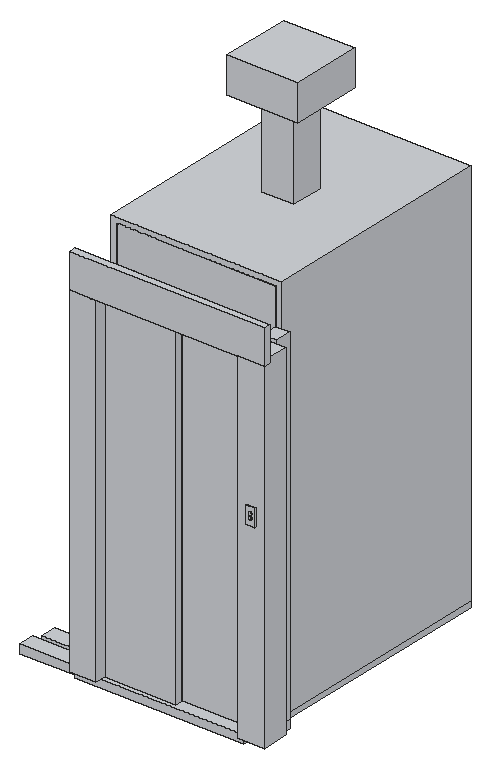
Revit family "Elevador", category Equipamento especial, Revit 2019
Family settings
  Hospedeiro = Parede
  Cota do conector redondo = Utilizar diâmetro
  Tipo de parte = Normal
  Sempre na vertical = Sim
  Corte com vazios quando carregada = Não
  Compartilhado = Não
  Ponto de cálculo do ambiente = Não
Parameters (values of type "1450 x 1600mm")
  Altura de parada [instance] = 0 mm
  Largura de abertura do poço [instance] = 1450 mm
  Profundidade de abertura do poço [instance] = 1600 mm
  Altura da última parada [instance] = 3000 mm
  Material da moldura = none
  Largura da abertura da porta = 1100 mm
  Altura da abertura da porta = 2125 mm
  Material da porta = none
  Descrição = "Elevador"
  Material da cabine = none
  Altura da cabine suspensa [instance] = 1700 mm
  Altura da cabine = Altura da abertura da porta + 75 mm  # 2200 mm
Reference planes
  plane 1: y = 0
  plane 2 "Centro (Esquerda/Direita)": x = 125
  plane 3 "Parte posterior": y = 75
  plane 4: z = 0
  plane 5: z = 0
  plane 6: z = 3000
  plane 7: z = 4700
  plane 8: x = -775
  plane 9: x = 675
  plane 10: y = 1675
  plane 11: x = -425
Lines and regions (mm)
  symbolic lines, style "InvisibleLines"
    curve 1: line (-775, 1675, 0) -> (675, 1675, 0)
    curve 2: line (-775, 75, 0) -> (-775, 1675, 0)
    curve 3: line (675, 1675, 0) -> (675, 75, 0)
Text (mm)
  text "Lado da colocação" at (-3123.189, 916.262, 0), in view "Nível de referência"
  text "Lado da colocação" at (0, 1605.175, 2923.955), in view "Esquerda"
  text "Lado da colocação" at (0, 595.982, 3004.978), in view "Direita"
Dimensions and locks
  locked: plane 3 "Parte posterior" to host wall at 0
  locked: plane 4 to level
  "Altura de parada": plane 4 to plane 5
  "Altura da cabine suspensa": plane 6 to plane 7
  "Altura da última parada": plane 4 to plane 6
  "Largura de abertura do poço": plane 8 to plane 9
  "Profundidade de abertura do poço": plane 10 to plane 3 "Parte posterior"
  equal spacing: plane 11, plane 2 "Centro (Esquerda/Direita)", plane 9
  "Largura da abertura da porta": plane 11 to plane 9
  aligned and locked: plane 1 to host wall
  aligned and locked: plane 3 "Parte posterior" to nested 1
  aligned and locked: plane 4 to nested 1
  aligned and locked: plane 8 to curve 2
  aligned and locked: curve 1 to plane 10
  aligned and locked: curve 3 to plane 9
  aligned and locked: nested 2 to nested 1
  aligned and locked: plane 2 "Centro (Esquerda/Direita)" to nested 2
Automatic sketch dimensions
  curve 2 to host wall = 0 mm
  curve 3 to host wall = 0 mm
Nested families
  nested 1: "Cabine do elevador" at (125, 75, 0), type "Cabine do elevador"
  nested 2: "Porta do elevador" at (0, 0, 0), Largura da abertura da porta <- "Largura da abertura da porta", Altura da abertura da porta <- "Altura da abertura da porta", type "Porta do elevador"
    with W1 475 mm, Largura da abertura da porta 1100 mm, Altura da abertura da porta 2125 mm
Definition of nested family "Cabine do elevador"
  Parameters
    W2 = Altura de parada + 700 mm  # 700 mm
    W1 = 0.5 * Largura da abertura da porta - 100 mm  # 450 mm
    Altura de parada = 0 mm
    Largura de abertura do poço = 1450 mm
    Profundidade de abertura do poço = 1600 mm
    Altura da última parada = 3000 mm
    Material da moldura = none
    Largura da abertura da porta = 1100 mm
    Altura da abertura da porta = 2125 mm
    Material da porta = none
    Projeção da altura livre = 1700 mm
    Material da cabine = none
    Altura da cabine = Altura da abertura da porta + 75 mm  # 2200 mm
  Reference planes
    plane 1 "Centro (Frente/Trás)": y = 0
    plane 2: z = 0
    plane 3 "Centro (Esquerda/Direita)": x = 0
    plane 4: y = 140
    plane 5: y = 1600
    plane 6: x = -900
    plane 7: x = 475
    plane 8: y = 230
    plane 9: y = 1560
    plane 10: x = -550
    plane 11: x = 550
    plane 12: x = -850
    plane 13: x = -400
    plane 14: x = 400
    plane 15: x = -500
    plane 16: x = 432
    plane 17: x = -532
    plane 18: z = 3000
    plane 19: z = 0
    plane 20: z = 4700
    plane 21: z = 2200
    plane 22: y = 160
    plane 23: y = 210
    plane 24: y = 180
    plane 25: y = 190
    plane 26: z = 1960
    plane 27: z = 32
    plane 28: z = 2168
    plane 29: z = 1930
    plane 30: y = 262
    plane 31: y = 1528
    plane 32: z = -48
    plane 33: z = -32
    plane 34: y = 1500
    plane 35: y = 100
    plane 36: z = 2900
    plane 37: y = 895
    plane 38: z = -282
    plane 39: z = 2700
    plane 40: z = -82
    plane 41: x = 150
    plane 42: x = -250
    plane 43: x = 40
    plane 44: x = -140
    plane 45: x = -50
    plane 46: x = 620.79
    plane 47: z = 4000
    plane 48: x = -779.822
    plane 49: y = 180
    plane 50: y = 1580
    plane 51: z = 5957
    plane 52: y = 1438
    plane 53: y = 958.5
    plane 54: y = 280
    plane 55: y = 1480
  Forms (mm)
    Extrusion 1, solid, material <- "Material da moldura"
      sketch origin (0, 0, 0) x (1, 0, 0) y (0, 1, 0)
        loop
          line (400, 230) -> (400, 140) -> (475, 140) -> (475, 230) -> (400, 230)
      from 0 to 1960
    Extrusion 2, solid, material <- "Material da porta"
      sketch origin (0, 0, 0) x (1, 0, 0) y (0, 1, 0)
        loop
          line (0, 230) -> (-400, 230) -> (-400, 190) -> (0, 190) -> (0, 230)
        loop
          line (0, 180) -> (0, 140) -> (400, 140) -> (400, 180) -> (0, 180)
      from 0 to 1960
    Extrusion 3, solid, material <- "Material da cabine"
      sketch origin (0, 0, 0) x (1, 0, 0) y (0, 1, 0)
        loop
          line (-532, 1560) -> (-532, 230) -> (-500, 230) -> (-500, 1560) -> (-532, 1560)
        loop
          line (400, 1560) -> (400, 230) -> (432, 230) -> (432, 1560) -> (400, 1560)
      from 0 to 2200
    Extrusion 4, solid, material <- "Material da cabine"
      sketch origin (0, 0, 0) x (1, 0, 0) y (0, 0, 1)
        loop
          line (-532, 2168) -> (432, 2168) -> (432, 2200) -> (-532, 2200) -> (-532, 2168)
        loop
          line (-532, 0) -> (432, 0) -> (432, 32) -> (-532, 32) -> (-532, 0)
      from -1560 to -230
    Extrusion 5, solid, material <- "Material da cabine"
      sketch origin (0, 0, 0) x (0, 1, 0) y (0, 0, 1)
        loop
          line (1528, 2168) -> (1528, 0) -> (1560, 0) -> (1560, 2168) -> (1528, 2168)
      from -532 to 432
    Extrusion 6, solid, material <- "Material da moldura", detail levels medium+fine
      sketch origin (0, 0, 0) x (1, 0, 0) y (0, 1, 0)
        loop
          line (-850, 230) -> (-850, 140) -> (475, 140) -> (475, 230) -> (-850, 230)
      from -48 to 0
    Extrusion 7, solid, material <- "Material da cabine", detail levels medium+fine
      sketch origin (0, 0, 0) x (0, 1, 0) y (0, 0, 1)
        loop
          line (230, 0) -> (230, -32) -> (1560, -32) -> (1560, 0) -> (230, 0)
      from -532 to 432
    Extrusion 8, solid, material <- "Material da moldura", detail levels coarse+medium
      sketch origin (4267.2, 895, 3892.286) x (0, 0, 1) y (1, 0, 0)
        loop
          line (-992.286, -4227.2) -> (-1692.286, -4227.2) -> (-1692.286, -4407.2) -> (-992.286, -4407.2) -> (-992.286, -4227.2)
      from -90 to 90
    Extrusion 9, solid, material <- "Material da moldura", detail levels fine
      sketch origin (4267.2, 895, 3892.286) x (0, 0, 1) y (1, 0, 0)
        loop
          line (-3924.286, -4227.2) -> (-4174.286, -4227.2) -> (-4174.286, -4407.2) -> (-3924.286, -4407.2) -> (-3924.286, -4227.2)
        loop
          line (-992.286, -4407.2) -> (-992.286, -4227.2) -> (-1692.286, -4227.2) -> (-1692.286, -4407.2) -> (-992.286, -4407.2)
      from -90 to 90
    Extrusion 10, solid, material <- "Material da moldura", detail levels fine
      sketch origin (4267.2, 895, 3892.286) x (0, 0, 1) y (1, 0, 0)
        loop
          line (-992.286, -4517.2) -> (-992.286, -4117.2) -> (-1192.286, -4117.2) -> (-1192.286, -4517.2) -> (-992.286, -4517.2)
        loop
          line (-3974.286, -4517.2) -> (-3974.286, -4117.2) -> (-4174.286, -4117.2) -> (-4174.286, -4517.2) -> (-3974.286, -4517.2)
      from -200 to 200
    Extrusion 11, solid, material <- "Material da cabine", detail levels medium
      sketch origin (4267.2, 895, 3892.286) x (0, 0, 1) y (1, 0, 0)
        loop
          line (-3924.286, -4407.2) -> (-3924.286, -4227.2) -> (-4174.286, -4227.2) -> (-4174.286, -4407.2) -> (-3924.286, -4407.2)
      from -90 to 90
    Extrusion 12, solid, material <- "Material da cabine", detail levels coarse
      sketch origin (0, 0, 0) x (1, 0, 0) y (0, 1, 0)
        loop
          line (-532, 1560) -> (-532, 140) -> (475, 140) -> (475, 230) -> (432, 230) -> (432, 1560) -> (-532, 1560)
      from -32 to 0
    Extrusion 13, solid, material <- "Material da moldura"
      sketch origin (0, 0, 0) x (0, 1, 0) y (0, 0, 1)
        loop
          line (230, 2168) -> (230, 1930) -> (262, 1930) -> (262, 2168) -> (230, 2168)
      from -500 to 400
  Cuts and joins
    joined: Extrusion 3, Extrusion 4, Extrusion 5
    joined: Extrusion 9, Extrusion 10
  Lines and regions (mm)
    Masking region 1, detail levels medium+fine
      outline origin (0, 0, 0) x (1, 0, 0) y (0, 1, 0)
        loop
          line (-532, 1560) -> (-532, 230) -> (-850, 230) -> (-850, 140) -> (475, 140) -> (475, 230) -> (432, 230) -> (432, 1560) -> (-532, 1560)
    Masking region 2, detail levels coarse
      outline origin (0, 0, 0) x (1, 0, 0) y (0, 1, 0)
        loop
          line (-532, 1500) -> (-532, 100) -> (475, 100) -> (475, 1500) -> (-532, 1500)
    Masking region 3, detail levels fine
      outline origin (6392.684, 0, -1679.226) x (1, 0, 0) y (0, 0, 1)
        loop
          line (-5826.083, 8233.352) -> (-5961.554, 8233.352) -> (-5961.554, 8057.413) -> (-6156.497, 8057.413) -> (-6156.497, 7989.744) -> (-5961.554, 7989.744) -> (-5961.554, 7800.271) -> (-6155.416, 7800.271) -> (-6155.416, 7231.853) -> (-5771.894, 7231.853) -> (-5771.894, 7096.516) -> (-5704.159, 7096.516) -> (-5704.159, 7150.65) -> (-5622.876, 7150.65) -> (-5622.876, 7204.786) -> (-5528.046, 7204.786) -> (-5528.046, 7272.455) -> (-5622.876, 7272.455) -> (-5622.876, 7380.724) -> (-5704.159, 7380.724) -> (-5704.159, 7448.394) -> (-5771.894, 7448.394) -> (-5771.894, 7800.271) -> (-5826.083, 7800.271) -> (-5826.083, 8233.352)
        loop
          line (-7172.684, 6514.564) -> (-7225.639, 6514.564) -> (-7225.639, 6473.963) -> (-7172.684, 6473.963) -> (-7172.684, 6514.564)
        loop
          line (-5771.894, 6514.564) -> (-5771.894, 6379.226) -> (-5446.763, 6379.226) -> (-5446.763, 6408.178) -> (-5541.593, 6408.178) -> (-5541.593, 6473.963) -> (-5433.216, 6473.963) -> (-5433.216, 6514.564) -> (-5771.894, 6514.564)
        loop
          line (-7172.684, 6406.294) -> (-7225.639, 6406.294) -> (-7225.639, 6379.226) -> (-7172.684, 6379.226) -> (-7172.684, 6406.294)
    Masking region 4
      outline origin (6392.684, 0, -1679.226) x (1, 0, 0) y (0, 0, 1)
        loop
          circle (-6807.506, 7637.093) r 365
    Masking region 5, detail levels medium+fine
      outline origin (6392.684, 0, -1679.226) x (1, 0, 0) y (0, 0, 1)
        loop
          line (-5771.894, 7231.853) -> (-6534.736, 7231.853) -> (-6624.29, 7321.408)
          arc (-6624.29, 7321.408) -> (-6725.523, 7281.419) -> (-6834.046, 7273.059) r 365
          line (-6834.046, 7273.059) -> (-6927.603, 7096.516) -> (-6927.603, 6514.564) -> (-7172.684, 6514.564) -> (-7172.684, 6379.226) -> (-6492.005, 6379.226)
          arc (-6492.005, 6379.226) -> (-6277.887, 6008.475) -> (-6063.768, 6379.226) r 247.205
          line (-6063.768, 6379.226) -> (-5771.894, 6379.226) -> (-5771.894, 6676.969) -> (-5934.46, 6676.969) -> (-5934.46, 6785.239) -> (-5771.894, 6785.239) -> (-5771.894, 7231.853)
    Masking region 6, detail levels medium
      outline origin (0, 0, 0) x (1, 0, 0) y (0, 0, 1)
        loop
          line (620.79, 5106.013) -> (458.224, 5106.013) -> (458.224, 4997.743) -> (620.79, 4997.743) -> (620.79, 5106.013)
    Masking region 7, not visible, detail levels fine
      outline origin (6392.684, 0, -1263.187) x (1, 0, 0) y (0, 0, 1)
        loop
          line (-5826.083, 8233.352) -> (-5961.554, 8233.352) -> (-5961.554, 8057.413) -> (-6156.497, 8057.413) -> (-6156.497, 7989.744) -> (-5961.554, 7989.744) -> (-5961.554, 7800.271) -> (-6155.416, 7800.271) -> (-6155.416, 7231.853) -> (-5771.894, 7231.853) -> (-5771.894, 7096.516) -> (-5704.159, 7096.516) -> (-5704.159, 7150.65) -> (-5622.876, 7150.65) -> (-5622.876, 7204.786) -> (-5528.046, 7204.786) -> (-5528.046, 7272.455) -> (-5622.876, 7272.455) -> (-5622.876, 7380.724) -> (-5704.159, 7380.724) -> (-5704.159, 7448.394) -> (-5771.894, 7448.394) -> (-5771.894, 7800.271) -> (-5826.083, 7800.271) -> (-5826.083, 8233.352)
        loop
          line (-7172.684, 6514.564) -> (-7225.639, 6514.564) -> (-7225.639, 6473.963) -> (-7172.684, 6473.963) -> (-7172.684, 6514.564)
        loop
          line (-5771.894, 6514.564) -> (-5771.894, 6379.226) -> (-5446.763, 6379.226) -> (-5446.763, 6408.178) -> (-5541.593, 6408.178) -> (-5541.593, 6473.963) -> (-5433.216, 6473.963) -> (-5433.216, 6514.564) -> (-5771.894, 6514.564)
        loop
          line (-7172.684, 6406.294) -> (-7225.639, 6406.294) -> (-7225.639, 6379.226) -> (-7172.684, 6379.226) -> (-7172.684, 6406.294)
    Masking region 8, not visible
      outline origin (6392.684, 0, -1263.187) x (1, 0, 0) y (0, 0, 1)
        loop
          circle (-6807.506, 7637.093) r 365
    Masking region 9, not visible, detail levels medium+fine
      outline origin (6392.684, 0, -1263.187) x (1, 0, 0) y (0, 0, 1)
        loop
          line (-5771.894, 7231.853) -> (-6534.736, 7231.853) -> (-6624.29, 7321.408)
          arc (-6624.29, 7321.408) -> (-6725.523, 7281.419) -> (-6834.046, 7273.059) r 365
          line (-6834.046, 7273.059) -> (-6927.603, 7096.516) -> (-6927.603, 6514.564) -> (-7172.684, 6514.564) -> (-7172.684, 6379.226) -> (-6492.005, 6379.226)
          arc (-6492.005, 6379.226) -> (-6277.887, 6008.475) -> (-6063.768, 6379.226) r 247.205
          line (-6063.768, 6379.226) -> (-5771.894, 6379.226) -> (-5771.894, 6676.969) -> (-5934.46, 6676.969) -> (-5934.46, 6785.239) -> (-5771.894, 6785.239) -> (-5771.894, 7231.853)
    Masking region 10, not visible, detail levels medium
      outline origin (0, 0, 416.04) x (1, 0, 0) y (0, 0, 1)
        loop
          line (620.79, 5106.013) -> (458.224, 5106.013) -> (458.224, 4997.743) -> (620.79, 4997.743) -> (620.79, 5106.013)
    Masking region 11
      outline origin (0, 0, 0) x (1, 0, 0) y (0, 0, 1)
        loop
          line (-734.822, 4000) -> (-824.822, 4000) -> (-824.822, 1900) -> (-734.822, 1900) -> (-734.822, 4000)
    Masking region 12
      outline origin (0, 0, 0) x (0, 1, 0) y (0, 0, 1)
        loop
          line (180, 6322) -> (180, 5592) -> (1580, 5592) -> (1580, 6322) -> (180, 6322)
    Masking region 13, detail levels medium+fine
      outline origin (0, 0, 0) x (0, 1, 0) y (0, 0, 1)
        loop
          line (280, 5592) -> (280, 4835) -> (180, 4835) -> (180, 4700) -> (1580, 4700) -> (1580, 4835) -> (1480, 4835) -> (1480, 5592) -> (280, 5592)
    Masking region 14
      outline origin (-3732.195, 25.564, 0) x (1, 0, 0) y (0, 1, 0)
        loop
          line (2832.195, 1412.436) -> (2832.195, 326.436) -> (3091.195, 326.436) -> (3091.195, 1412.436) -> (2832.195, 1412.436)
    Masking region 15, not visible
      outline origin (0, 0, 0) x (1, 0, 0) y (0, 1, 0)
        loop
          line (2832.195, 1412.436) -> (2832.195, 326.436) -> (3091.195, 326.436) -> (3091.195, 1412.436) -> (2832.195, 1412.436)
    Masking region 16, detail levels fine
      outline origin (525.132, 244.888, 0) x (1, 0, 0) y (0, 1, 0)
        loop
          line (-1146.132, 691.112) -> (-1146.132, 609.112) -> (-1138.132, 609.112) -> (-1138.132, 645.612) -> (-1075.482, 645.612) -> (-1075.482, 636.612) -> (-1105.482, 636.612) -> (-1105.482, 630.612) -> (-1075.482, 630.612) -> (-1075.482, 600.112) -> (-1066.132, 600.112) -> (-1066.132, 591.612) -> (-1111.132, 591.612) -> (-1111.132, 586.612) -> (-1057.132, 586.612) -> (-1057.132, 713.612) -> (-1111.132, 713.612) -> (-1111.132, 708.612) -> (-1066.132, 708.612) -> (-1066.132, 700.112) -> (-1075.482, 700.112) -> (-1075.482, 669.612) -> (-1105.482, 669.612) -> (-1105.482, 663.612) -> (-1075.482, 663.612) -> (-1075.482, 654.612) -> (-1138.132, 654.612) -> (-1138.132, 691.112) -> (-1146.132, 691.112)
    Masking region 17, detail levels fine
      outline origin (-625.132, 244.888, 0) x (0, 1, 0) y (-1, 0, 0)
        loop
          line (691.112, -1146.132) -> (691.112, -1138.132) -> (654.612, -1138.132) -> (654.612, -1075.482) -> (663.612, -1075.482) -> (663.612, -1105.482) -> (669.612, -1105.482) -> (669.612, -1075.482) -> (700.112, -1075.482) -> (700.112, -1066.132) -> (708.612, -1066.132) -> (708.612, -1111.132) -> (713.612, -1111.132) -> (713.612, -1057.132) -> (586.612, -1057.132) -> (586.612, -1111.132) -> (591.612, -1111.132) -> (591.612, -1066.132) -> (600.112, -1066.132) -> (600.112, -1075.482) -> (630.612, -1075.482) -> (630.612, -1105.482) -> (636.612, -1105.482) -> (636.612, -1075.482) -> (645.612, -1075.482) -> (645.612, -1138.132) -> (609.112, -1138.132) -> (609.112, -1146.132) -> (691.112, -1146.132)
    Masking region 18, not visible, detail levels fine
      outline origin (0, 0, 0) x (1, 0, 0) y (0, 1, 0)
        loop
          line (-1146.132, 691.112) -> (-1146.132, 609.112) -> (-1138.132, 609.112) -> (-1138.132, 645.612) -> (-1075.482, 645.612) -> (-1075.482, 636.612) -> (-1105.482, 636.612) -> (-1105.482, 630.612) -> (-1075.482, 630.612) -> (-1075.482, 600.112) -> (-1066.132, 600.112) -> (-1066.132, 591.612) -> (-1111.132, 591.612) -> (-1111.132, 586.612) -> (-1057.132, 586.612) -> (-1057.132, 713.612) -> (-1111.132, 713.612) -> (-1111.132, 708.612) -> (-1066.132, 708.612) -> (-1066.132, 700.112) -> (-1075.482, 700.112) -> (-1075.482, 669.612) -> (-1105.482, 669.612) -> (-1105.482, 663.612) -> (-1075.482, 663.612) -> (-1075.482, 654.612) -> (-1138.132, 654.612) -> (-1138.132, 691.112) -> (-1146.132, 691.112)
    Masking region 19, not visible, detail levels fine
      outline origin (-2082.973, 0, 0) x (0, 1, 0) y (-1, 0, 0)
        loop
          line (691.112, -1146.132) -> (691.112, -1138.132) -> (654.612, -1138.132) -> (654.612, -1075.482) -> (663.612, -1075.482) -> (663.612, -1105.482) -> (669.612, -1105.482) -> (669.612, -1075.482) -> (700.112, -1075.482) -> (700.112, -1066.132) -> (708.612, -1066.132) -> (708.612, -1111.132) -> (713.612, -1111.132) -> (713.612, -1057.132) -> (586.612, -1057.132) -> (586.612, -1111.132) -> (591.612, -1111.132) -> (591.612, -1066.132) -> (600.112, -1066.132) -> (600.112, -1075.482) -> (630.612, -1075.482) -> (630.612, -1105.482) -> (636.612, -1105.482) -> (636.612, -1075.482) -> (645.612, -1075.482) -> (645.612, -1138.132) -> (609.112, -1138.132) -> (609.112, -1146.132) -> (691.112, -1146.132)
    symbolic lines, detail levels medium+fine
      curve 1: line (400, 140, 0) -> (0, 140, 0)
      curve 2: line (0, 140, 0) -> (0, 180, 0)
      curve 3: line (0, 180, 0) -> (400, 180, 0)
      curve 4: line (400, 180, 0) -> (400, 140, 0)
      curve 5: line (0, 190, 0) -> (-400, 190, 0)
      curve 6: line (-400, 190, 0) -> (-400, 230, 0)
      curve 7: line (-400, 230, 0) -> (0, 230, 0)
      curve 8: line (0, 230, 0) -> (0, 190, 0)
      curve 9: line (475, 230, 0) -> (400, 230, 0)
      curve 10: line (400, 230, 0) -> (400, 140, 0)
      curve 11: line (400, 140, 0) -> (475, 140, 0)
      curve 12: line (475, 140, 0) -> (475, 230, 0)
      curve 15: line (-850, 230, 0) -> (-400, 230, 0)
      curve 16: line (-850, 230, 0) -> (-850, 140, 0)
      curve 17: line (-850, 140, 0) -> (0, 140, 0)
      curve 18: line (0, 230, 0) -> (400, 230, 0)
      curve 19: line (-532, 230, 0) -> (-532, 1560, 0)
      curve 20: line (432, 1560, 0) -> (432, 230, 0)
      curve 27: circle (-89.546, 0, 5239.915) r 247.205 normal (0, 1, 0)
      curve 28: circle (114.798, 0, 4576.454) r 247.205 normal (0, 1, 0)
      curve 33: line (-824.822, 0, 3765) -> (-734.822, 0, 3765)
      curve 34: line (-440.837, 0, 5594.823) -> (-534.918, 0, 5417.289)
      curve 35: line (-534.918, 0, 5417.289) -> (-534.918, 0, 4835.338)
      curve 36: line (-534.918, 0, 4835.338) -> (-780, 0, 4835.338)
      curve 43: line (328.916, 0, 4700) -> (620.79, 0, 4700)
      curve 77: line (237.268, 0, 5552.627) -> (-142.051, 0, 5552.627)
      curve 78: line (-142.051, 0, 5552.627) -> (-231.606, 0, 5642.182)
      curve 81: line (26.956, 0, 5021.883) -> (-114.674, 0, 4668.395)
      curve 82: line (-63.38, 0, 6056.423) -> (154.432, 0, 5279.726)
      curve 87: line (-780, 0, 4700) -> (-99.321, 0, 4700)
      curve 89: line (-50, 0, 2900) -> (-50, 0, 4392.193)
      curve 151: line (-779.822, 0, 4000) -> (-779.822, 0, 3565)
      curve 156: line (0, 280, 5553) -> (0, 1480, 5553)
      curve 157: line (0, 180, 4835) -> (0, 1580, 4835)
      curve 158: line (0, 180, 4835) -> (0, 180, 4700)
      curve 159: line (0, 180, 4700) -> (0, 1580, 4700)
      curve 160: line (0, 1580, 4700) -> (0, 1580, 4835)
      curve 161: line (0, 280, 5592) -> (0, 280, 4835)
      curve 162: line (0, 1480, 5592) -> (0, 1480, 4835)
      curve 168: line (-900, 1388, 0) -> (-691, 1388, 0)
      curve 169: line (-691, 1388, 0) -> (-691, 402, 0)
      curve 170: line (-691, 402, 0) -> (-900, 402, 0)
      curve 174: line (-874, 449, 0) -> (-874, 1341, 0)
      curve 177: line (-711, 449, 0) -> (-711, 1341, 0)
      curve 181: line (-781.994, 396.856, 0) -> (-781.994, 1417.796, 0)
      curve 308: line (-532, 1560, 0) -> (432, 1560, 0)
    symbolic lines, detail levels fine
      curve 13: line (0, 160, 0) -> (-850, 160, 0)
      curve 14: line (-400, 210, 0) -> (-850, 210, 0)
      curve 21: line (400, 1528, 0) -> (400, 230, 0)
      curve 22: line (-500, 1528, 0) -> (-500, 230, 0)
      curve 37: line (-832.955, 0, 4835.338) -> (-832.955, 0, 4794.736)
      curve 38: line (-832.955, 0, 4794.736) -> (-780, 0, 4794.736)
      curve 39: line (-780, 0, 4794.736) -> (-780, 0, 4727.067)
      curve 40: line (-780, 0, 4727.067) -> (-832.955, 0, 4727.067)
      curve 41: line (-832.955, 0, 4727.067) -> (-832.955, 0, 4700)
      curve 42: line (-832.955, 0, 4700) -> (-780, 0, 4700)
      curve 44: line (945.921, 0, 4700) -> (945.921, 0, 4728.952)
      curve 45: line (945.921, 0, 4728.952) -> (851.091, 0, 4728.952)
      curve 46: line (851.091, 0, 4728.952) -> (851.091, 0, 4794.736)
      curve 47: line (851.091, 0, 4794.736) -> (959.468, 0, 4794.736)
      curve 48: line (959.468, 0, 4794.736) -> (959.468, 0, 4835.338)
      curve 49: line (959.468, 0, 4835.338) -> (620.79, 0, 4835.338)
      curve 50: line (620.79, 0, 4835.338) -> (620.79, 0, 4997.743)
      curve 51: line (620.79, 0, 4997.743) -> (458.224, 0, 4997.743)
      curve 52: line (458.224, 0, 4997.743) -> (458.224, 0, 5106.013)
      curve 53: line (458.224, 0, 5106.013) -> (620.79, 0, 5106.013)
      curve 54: line (620.79, 0, 5106.013) -> (620.79, 0, 5417.289)
      curve 55: line (620.79, 0, 5417.289) -> (688.526, 0, 5417.289)
      curve 56: line (688.526, 0, 5417.289) -> (688.526, 0, 5471.424)
      curve 57: line (688.526, 0, 5471.424) -> (769.808, 0, 5471.424)
      curve 58: line (769.808, 0, 5471.424) -> (769.808, 0, 5525.559)
      curve 59: line (769.808, 0, 5525.559) -> (864.638, 0, 5525.559)
      curve 60: line (864.638, 0, 5525.559) -> (864.638, 0, 5593.228)
      curve 61: line (864.638, 0, 5593.228) -> (769.808, 0, 5593.228)
      curve 62: line (769.808, 0, 5593.228) -> (769.808, 0, 5701.498)
      curve 63: line (769.808, 0, 5701.498) -> (688.526, 0, 5701.498)
      curve 64: line (688.526, 0, 5701.498) -> (688.526, 0, 5769.167)
      curve 65: line (688.526, 0, 5769.167) -> (620.79, 0, 5769.167)
      curve 66: line (620.79, 0, 5769.167) -> (620.79, 0, 6121.045)
      curve 67: line (620.79, 0, 6121.045) -> (566.601, 0, 6121.045)
      curve 68: line (566.601, 0, 6121.045) -> (566.601, 0, 6554.125)
      curve 69: line (566.601, 0, 6554.125) -> (431.13, 0, 6554.125)
      curve 70: line (431.13, 0, 6554.125) -> (431.13, 0, 6378.186)
      curve 71: line (431.13, 0, 6378.186) -> (236.187, 0, 6378.186)
      curve 72: line (236.187, 0, 6378.186) -> (236.187, 0, 6310.517)
      curve 73: line (236.187, 0, 6310.517) -> (431.13, 0, 6310.517)
      curve 74: line (431.13, 0, 6310.517) -> (431.13, 0, 6121.045)
      curve 75: line (431.13, 0, 6121.045) -> (237.268, 0, 6121.045)
      curve 76: line (237.268, 0, 6121.045) -> (237.268, 0, 5552.627)
      curve 79: line (945.921, 0, 4700) -> (905.279, 0, 4700)
      curve 80: line (905.279, 0, 4700) -> (851.091, 0, 4700)
      curve 85: line (620.79, 0, 4700) -> (945.921, 0, 4700)
      curve 86: line (-780, 0, 4835.338) -> (-832.955, 0, 4835.338)
      curve 171: line (-874, 1341, 0) -> (-802.5, 1341, 0)
      curve 172: line (-802.5, 1341, 0) -> (-802.5, 449, 0)
      curve 173: line (-802.5, 449, 0) -> (-874, 449, 0)
      curve 175: line (-761.5, 1341, 0) -> (-761.5, 449, 0)
      curve 176: line (-761.5, 449, 0) -> (-711, 449, 0)
      curve 178: line (-711, 1341, 0) -> (-761.5, 1341, 0)
      curve 179: line (-761.5, 489, 0) -> (-802.5, 489, 0)
      curve 180: line (-761.5, 1301, 0) -> (-802.5, 1301, 0)
      curve 204: line (-541, 953.5, 0) -> (-541, 836.5, 0)
      curve 205: line (-541, 836.5, 0) -> (-586, 836.5, 0)
      curve 206: line (-586, 836.5, 0) -> (-586, 831.5, 0)
      curve 207: line (-586, 831.5, 0) -> (-532, 831.5, 0)
      curve 208: line (-532, 831.5, 0) -> (-532, 958.5, 0)
      curve 209: line (-532, 958.5, 0) -> (-586, 958.5, 0)
      curve 210: line (-586, 958.5, 0) -> (-586, 953.5, 0)
      curve 211: line (-586, 953.5, 0) -> (-541, 953.5, 0)
      curve 212: line (-541, 945, 0) -> (-550.35, 945, 0)
      curve 213: line (-550.35, 945, 0) -> (-550.35, 914.5, 0)
      curve 214: line (-550.35, 914.5, 0) -> (-580.35, 914.5, 0)
      curve 215: line (-580.35, 914.5, 0) -> (-580.35, 908.5, 0)
      curve 216: line (-580.35, 908.5, 0) -> (-550.35, 908.5, 0)
      curve 217: line (-550.35, 908.5, 0) -> (-550.35, 881.5, 0)
      curve 218: line (-550.35, 881.5, 0) -> (-580.35, 881.5, 0)
      curve 219: line (-580.35, 881.5, 0) -> (-580.35, 875.5, 0)
      curve 220: line (-580.35, 875.5, 0) -> (-550.35, 875.5, 0)
      curve 221: line (-621, 854, 0) -> (-613, 854, 0)
      curve 222: line (-613, 854, 0) -> (-613, 890.5, 0)
      curve 223: line (-613, 890.5, 0) -> (-550.35, 890.5, 0)
      curve 224: line (-550.35, 899.5, 0) -> (-613, 899.5, 0)
      curve 225: line (-613, 899.5, 0) -> (-613, 936, 0)
      curve 226: line (-613, 936, 0) -> (-621, 936, 0)
      curve 227: line (-621, 936, 0) -> (-621, 854, 0)
      curve 228: line (-550.35, 875.5, 0) -> (-550.35, 845, 0)
      curve 229: line (-550.35, 845, 0) -> (-541, 845, 0)
      curve 230: line (441, 953.5, 0) -> (441, 836.5, 0)
      curve 231: line (441, 836.5, 0) -> (486, 836.5, 0)
      curve 232: line (486, 836.5, 0) -> (486, 831.5, 0)
      curve 233: line (486, 831.5, 0) -> (432, 831.5, 0)
      curve 234: line (432, 831.5, 0) -> (432, 958.5, 0)
      curve 235: line (432, 958.5, 0) -> (486, 958.5, 0)
      curve 236: line (486, 958.5, 0) -> (486, 953.5, 0)
      curve 237: line (486, 953.5, 0) -> (441, 953.5, 0)
      curve 238: line (441, 945, 0) -> (450.35, 945, 0)
      curve 239: line (450.35, 945, 0) -> (450.35, 914.5, 0)
      curve 240: line (450.35, 914.5, 0) -> (480.35, 914.5, 0)
      curve 241: line (480.35, 914.5, 0) -> (480.35, 908.5, 0)
      curve 242: line (480.35, 908.5, 0) -> (450.35, 908.5, 0)
      curve 243: line (450.35, 908.5, 0) -> (450.35, 881.5, 0)
      curve 244: line (450.35, 881.5, 0) -> (480.35, 881.5, 0)
      curve 245: line (480.35, 881.5, 0) -> (480.35, 875.5, 0)
      curve 246: line (480.35, 875.5, 0) -> (450.35, 875.5, 0)
      curve 247: line (521, 854, 0) -> (513, 854, 0)
      curve 248: line (513, 854, 0) -> (513, 890.5, 0)
      curve 249: line (513, 890.5, 0) -> (450.35, 890.5, 0)
      curve 250: line (450.35, 899.5, 0) -> (513, 899.5, 0)
      curve 251: line (513, 899.5, 0) -> (513, 936, 0)
      curve 252: line (513, 936, 0) -> (521, 936, 0)
      curve 253: line (521, 936, 0) -> (521, 854, 0)
      curve 254: line (450.35, 875.5, 0) -> (450.35, 845, 0)
      curve 255: line (450.35, 845, 0) -> (441, 845, 0)
      curve 309: line (-500, 1528, 0) -> (400, 1528, 0)
      curve 310: line (-816.994, 1369.151, 0) -> (-746.994, 1369.151, 0)
      curve 311: line (-746.994, 1369.151, 0) -> (-746.994, 1362.151, 0)
      curve 312: line (-816.994, 1362.151, 0) -> (-787.994, 1362.151, 0)
      curve 313: line (-787.994, 1362.151, 0) -> (-787.994, 1312.96, 0)
      curve 314: line (-775.994, 1362.151, 0) -> (-775.994, 1312.96, 0)
      curve 315: line (-787.994, 1312.96, 0) -> (-775.994, 1312.96, 0)
      curve 316: line (-816.994, 1369.151, 0) -> (-816.994, 1362.151, 0)
      curve 317: line (-775.994, 1362.151, 0) -> (-746.994, 1362.151, 0)
      curve 318: line (-816.994, 420.849, 0) -> (-746.994, 420.849, 0)
      curve 319: line (-746.994, 420.849, 0) -> (-746.994, 427.849, 0)
      curve 320: line (-816.994, 427.849, 0) -> (-787.994, 427.849, 0)
      curve 321: line (-787.994, 427.849, 0) -> (-787.994, 477.04, 0)
      curve 322: line (-775.994, 427.849, 0) -> (-775.994, 477.04, 0)
      curve 323: line (-787.994, 477.04, 0) -> (-775.994, 477.04, 0)
      curve 324: line (-816.994, 420.849, 0) -> (-816.994, 427.849, 0)
      curve 325: line (-775.994, 427.849, 0) -> (-746.994, 427.849, 0)
    symbolic lines, detail levels coarse
      curve 23: line (-532, 1500, 0) -> (475, 1500, 0)
      curve 24: line (-532, 100, 0) -> (-532, 1500, 0)
      curve 25: line (475, 100, 0) -> (-532, 100, 0)
      curve 26: line (475, 1500, 0) -> (475, 100, 0)
      curve 149: line (-50, 0, 5957.867) -> (-50, 0, 2900)
    symbolic lines
      curve 29: line (-824.822, 0, 1900) -> (-734.822, 0, 1900)
      curve 30: line (-734.822, 0, 1900) -> (-734.822, 0, 4000)
      curve 31: line (-734.822, 0, 4000) -> (-824.822, 0, 4000)
      curve 32: line (-824.822, 0, 4000) -> (-824.822, 0, 1900)
      curve 90: circle (-414.822, 0, 5957.867) r 365 normal (0, -1, 0)
      curve 150: line (-779.822, 0, 5957.867) -> (-779.822, 0, 4000)
      curve 152: line (0, 180, 6322) -> (0, 1580, 6322)
      curve 153: line (0, 180, 5592) -> (0, 180, 6322)
      curve 154: line (0, 1580, 5592) -> (0, 180, 5592)
      curve 155: line (0, 1580, 6322) -> (0, 1580, 5592)
      curve 163: line (0, 895, 6322) -> (0, 895, 2900)
      curve 164: line (-900, 352, 0) -> (-900, 1438, 0)
      curve 165: line (-900, 1438, 0) -> (-641, 1438, 0)
      curve 166: line (-641, 1438, 0) -> (-641, 352, 0)
      curve 167: line (-641, 352, 0) -> (-900, 352, 0)
    symbolic lines, detail levels medium
      curve 83: line (237.268, 0, 5552.627) -> (620.79, 0, 5552.627)
      curve 84: line (620.79, 0, 5552.627) -> (620.79, 0, 4700)
      curve 88: line (-780, 0, 4835.338) -> (-780, 0, 4700)
      curve 182: line (-874, 1341, 0) -> (-711, 1341, 0)
      curve 183: line (-711, 449, 0) -> (-874, 449, 0)
    symbolic lines, not visible, detail levels medium+fine
      curve 91: circle (-89.546, 0, 5655.954) r 247.205 normal (0, 1, 0)
      curve 92: circle (114.798, 0, 4992.494) r 247.205 normal (0, 1, 0)
      curve 93: line (-440.837, 0, 6010.863) -> (-534.918, 0, 5833.329)
      curve 94: line (-534.918, 0, 5833.329) -> (-534.918, 0, 5251.377)
      curve 95: line (-534.918, 0, 5251.377) -> (-780, 0, 5251.377)
      curve 102: line (328.916, 0, 5116.04) -> (620.79, 0, 5116.04)
      curve 136: line (237.268, 0, 5968.667) -> (-142.051, 0, 5968.667)
      curve 137: line (-142.051, 0, 5968.667) -> (-231.606, 0, 6058.222)
      curve 140: line (26.956, 0, 5437.923) -> (-114.674, 0, 5084.435)
      curve 141: line (-63.38, 0, 6472.463) -> (154.432, 0, 5695.766)
      curve 146: line (-780, 0, 5116.04) -> (-99.321, 0, 5116.04)
      curve 188: line (2832.195, 1362.436, 0) -> (3041.195, 1362.436, 0)
      curve 189: line (3041.195, 1362.436, 0) -> (3041.195, 376.436, 0)
      curve 190: line (3041.195, 376.436, 0) -> (2832.195, 376.436, 0)
      curve 194: line (2858.195, 423.436, 0) -> (2858.195, 1315.436, 0)
      curve 197: line (3021.195, 423.436, 0) -> (3021.195, 1315.436, 0)
      curve 201: line (2950.201, 371.292, 0) -> (2950.201, 1392.233, 0)
    symbolic lines, not visible, detail levels fine
      curve 96: line (-832.955, 0, 5251.377) -> (-832.955, 0, 5210.776)
      curve 97: line (-832.955, 0, 5210.776) -> (-780, 0, 5210.776)
      curve 98: line (-780, 0, 5210.776) -> (-780, 0, 5143.107)
      curve 99: line (-780, 0, 5143.107) -> (-832.955, 0, 5143.107)
      curve 100: line (-832.955, 0, 5143.107) -> (-832.955, 0, 5116.04)
      curve 101: line (-832.955, 0, 5116.04) -> (-780, 0, 5116.04)
      curve 103: line (945.921, 0, 5116.04) -> (945.921, 0, 5144.991)
      curve 104: line (945.921, 0, 5144.991) -> (851.091, 0, 5144.991)
      curve 105: line (851.091, 0, 5144.991) -> (851.091, 0, 5210.776)
      curve 106: line (851.091, 0, 5210.776) -> (959.468, 0, 5210.776)
      curve 107: line (959.468, 0, 5210.776) -> (959.468, 0, 5251.377)
      curve 108: line (959.468, 0, 5251.377) -> (620.79, 0, 5251.377)
      curve 109: line (620.79, 0, 5251.377) -> (620.79, 0, 5413.782)
      curve 110: line (620.79, 0, 5413.782) -> (458.224, 0, 5413.782)
      curve 111: line (458.224, 0, 5413.782) -> (458.224, 0, 5522.053)
      curve 112: line (458.224, 0, 5522.053) -> (620.79, 0, 5522.053)
      curve 113: line (620.79, 0, 5522.053) -> (620.79, 0, 5833.329)
      curve 114: line (620.79, 0, 5833.329) -> (688.526, 0, 5833.329)
      curve 115: line (688.526, 0, 5833.329) -> (688.526, 0, 5887.464)
      curve 116: line (688.526, 0, 5887.464) -> (769.808, 0, 5887.464)
      curve 117: line (769.808, 0, 5887.464) -> (769.808, 0, 5941.599)
      curve 118: line (769.808, 0, 5941.599) -> (864.638, 0, 5941.599)
      curve 119: line (864.638, 0, 5941.599) -> (864.638, 0, 6009.268)
      curve 120: line (864.638, 0, 6009.268) -> (769.808, 0, 6009.268)
      curve 121: line (769.808, 0, 6009.268) -> (769.808, 0, 6117.538)
      curve 122: line (769.808, 0, 6117.538) -> (688.526, 0, 6117.538)
      curve 123: line (688.526, 0, 6117.538) -> (688.526, 0, 6185.207)
      curve 124: line (688.526, 0, 6185.207) -> (620.79, 0, 6185.207)
      curve 125: line (620.79, 0, 6185.207) -> (620.79, 0, 6537.085)
      curve 126: line (620.79, 0, 6537.085) -> (566.601, 0, 6537.085)
      curve 127: line (566.601, 0, 6537.085) -> (566.601, 0, 6970.165)
      curve 128: line (566.601, 0, 6970.165) -> (431.13, 0, 6970.165)
      curve 129: line (431.13, 0, 6970.165) -> (431.13, 0, 6794.226)
      curve 130: line (431.13, 0, 6794.226) -> (236.187, 0, 6794.226)
      curve 131: line (236.187, 0, 6794.226) -> (236.187, 0, 6726.557)
      curve 132: line (236.187, 0, 6726.557) -> (431.13, 0, 6726.557)
      curve 133: line (431.13, 0, 6726.557) -> (431.13, 0, 6537.085)
      curve 134: line (431.13, 0, 6537.085) -> (237.268, 0, 6537.085)
      curve 135: line (237.268, 0, 6537.085) -> (237.268, 0, 5968.667)
      curve 138: line (945.921, 0, 5116.04) -> (905.279, 0, 5116.04)
      curve 139: line (905.279, 0, 5116.04) -> (851.091, 0, 5116.04)
      curve 144: line (620.79, 0, 5116.04) -> (945.921, 0, 5116.04)
      curve 145: line (-780, 0, 5251.377) -> (-832.955, 0, 5251.377)
      curve 191: line (2858.195, 1315.436, 0) -> (2929.695, 1315.436, 0)
      curve 192: line (2929.695, 1315.436, 0) -> (2929.695, 423.436, 0)
      curve 193: line (2929.695, 423.436, 0) -> (2858.195, 423.436, 0)
      curve 195: line (2970.695, 1315.436, 0) -> (2970.695, 423.436, 0)
      curve 196: line (2970.695, 423.436, 0) -> (3021.195, 423.436, 0)
      curve 198: line (3021.195, 1315.436, 0) -> (2970.695, 1315.436, 0)
      curve 199: line (2970.695, 463.436, 0) -> (2929.695, 463.436, 0)
      curve 200: line (2970.695, 1275.436, 0) -> (2929.695, 1275.436, 0)
      curve 256: line (-1066.132, 708.612, 0) -> (-1066.132, 591.612, 0)
      curve 257: line (-1066.132, 591.612, 0) -> (-1111.132, 591.612, 0)
      curve 258: line (-1111.132, 591.612, 0) -> (-1111.132, 586.612, 0)
      curve 259: line (-1111.132, 586.612, 0) -> (-1057.132, 586.612, 0)
      curve 260: line (-1057.132, 586.612, 0) -> (-1057.132, 713.612, 0)
      curve 261: line (-1057.132, 713.612, 0) -> (-1111.132, 713.612, 0)
      curve 262: line (-1111.132, 713.612, 0) -> (-1111.132, 708.612, 0)
      curve 263: line (-1111.132, 708.612, 0) -> (-1066.132, 708.612, 0)
      curve 264: line (-1066.132, 700.112, 0) -> (-1075.482, 700.112, 0)
      curve 265: line (-1075.482, 700.112, 0) -> (-1075.482, 669.612, 0)
      curve 266: line (-1075.482, 669.612, 0) -> (-1105.482, 669.612, 0)
      curve 267: line (-1105.482, 669.612, 0) -> (-1105.482, 663.612, 0)
      curve 268: line (-1105.482, 663.612, 0) -> (-1075.482, 663.612, 0)
      curve 269: line (-1075.482, 663.612, 0) -> (-1075.482, 636.612, 0)
      curve 270: line (-1075.482, 636.612, 0) -> (-1105.482, 636.612, 0)
      curve 271: line (-1105.482, 636.612, 0) -> (-1105.482, 630.612, 0)
      curve 272: line (-1105.482, 630.612, 0) -> (-1075.482, 630.612, 0)
      curve 273: line (-1146.132, 609.112, 0) -> (-1138.132, 609.112, 0)
      curve 274: line (-1138.132, 609.112, 0) -> (-1138.132, 645.612, 0)
      curve 275: line (-1138.132, 645.612, 0) -> (-1075.482, 645.612, 0)
      curve 276: line (-1075.482, 654.612, 0) -> (-1138.132, 654.612, 0)
      curve 277: line (-1138.132, 654.612, 0) -> (-1138.132, 691.112, 0)
      curve 278: line (-1138.132, 691.112, 0) -> (-1146.132, 691.112, 0)
      curve 279: line (-1146.132, 691.112, 0) -> (-1146.132, 609.112, 0)
      curve 280: line (-1075.482, 630.612, 0) -> (-1075.482, 600.112, 0)
      curve 281: line (-1075.482, 600.112, 0) -> (-1066.132, 600.112, 0)
      curve 282: line (-1016.841, 708.612, 0) -> (-1016.841, 591.612, 0)
      curve 283: line (-1016.841, 591.612, 0) -> (-971.841, 591.612, 0)
      curve 284: line (-971.841, 591.612, 0) -> (-971.841, 586.612, 0)
      curve 285: line (-971.841, 586.612, 0) -> (-1025.841, 586.612, 0)
      curve 286: line (-1025.841, 586.612, 0) -> (-1025.841, 713.612, 0)
      curve 287: line (-1025.841, 713.612, 0) -> (-971.841, 713.612, 0)
      curve 288: line (-971.841, 713.612, 0) -> (-971.841, 708.612, 0)
      curve 289: line (-971.841, 708.612, 0) -> (-1016.841, 708.612, 0)
      curve 290: line (-1016.841, 700.112, 0) -> (-1007.491, 700.112, 0)
      curve 291: line (-1007.491, 700.112, 0) -> (-1007.491, 669.612, 0)
      curve 292: line (-1007.491, 669.612, 0) -> (-977.491, 669.612, 0)
      curve 293: line (-977.491, 669.612, 0) -> (-977.491, 663.612, 0)
      curve 294: line (-977.491, 663.612, 0) -> (-1007.491, 663.612, 0)
      curve 295: line (-1007.491, 663.612, 0) -> (-1007.491, 636.612, 0)
      curve 296: line (-1007.491, 636.612, 0) -> (-977.491, 636.612, 0)
      curve 297: line (-977.491, 636.612, 0) -> (-977.491, 630.612, 0)
      curve 298: line (-977.491, 630.612, 0) -> (-1007.491, 630.612, 0)
      curve 299: line (-936.841, 609.112, 0) -> (-944.841, 609.112, 0)
      curve 300: line (-944.841, 609.112, 0) -> (-944.841, 645.612, 0)
      curve 301: line (-944.841, 645.612, 0) -> (-1007.491, 645.612, 0)
      curve 302: line (-1007.491, 654.612, 0) -> (-944.841, 654.612, 0)
      curve 303: line (-944.841, 654.612, 0) -> (-944.841, 691.112, 0)
      curve 304: line (-944.841, 691.112, 0) -> (-936.841, 691.112, 0)
      curve 305: line (-936.841, 691.112, 0) -> (-936.841, 609.112, 0)
      curve 306: line (-1007.491, 630.612, 0) -> (-1007.491, 600.112, 0)
      curve 307: line (-1007.491, 600.112, 0) -> (-1016.841, 600.112, 0)
      curve 326: line (2915.201, 1343.587, 0) -> (2985.201, 1343.587, 0)
      curve 327: line (2985.201, 1343.587, 0) -> (2985.201, 1336.587, 0)
      curve 328: line (2915.201, 1336.587, 0) -> (2944.201, 1336.587, 0)
      curve 329: line (2944.201, 1336.587, 0) -> (2944.201, 1287.396, 0)
      curve 330: line (2956.201, 1336.587, 0) -> (2956.201, 1287.396, 0)
      curve 331: line (2944.201, 1287.396, 0) -> (2956.201, 1287.396, 0)
      curve 332: line (2915.201, 1343.587, 0) -> (2915.201, 1336.587, 0)
      curve 333: line (2956.201, 1336.587, 0) -> (2985.201, 1336.587, 0)
      curve 334: line (2915.201, 395.285, 0) -> (2985.201, 395.285, 0)
      curve 335: line (2985.201, 395.285, 0) -> (2985.201, 402.285, 0)
      curve 336: line (2915.201, 402.285, 0) -> (2944.201, 402.285, 0)
      curve 337: line (2944.201, 402.285, 0) -> (2944.201, 451.476, 0)
      curve 338: line (2956.201, 402.285, 0) -> (2956.201, 451.476, 0)
      curve 339: line (2944.201, 451.476, 0) -> (2956.201, 451.476, 0)
      curve 340: line (2915.201, 395.285, 0) -> (2915.201, 402.285, 0)
      curve 341: line (2956.201, 402.285, 0) -> (2985.201, 402.285, 0)
    symbolic lines, not visible, detail levels medium
      curve 142: line (237.268, 0, 5968.667) -> (620.79, 0, 5968.667)
      curve 143: line (620.79, 0, 5968.667) -> (620.79, 0, 5116.04)
      curve 147: line (-780, 0, 5251.377) -> (-780, 0, 5116.04)
      curve 202: line (2858.195, 1315.436, 0) -> (3021.195, 1315.436, 0)
      curve 203: line (3021.195, 423.436, 0) -> (2858.195, 423.436, 0)
    symbolic lines, not visible
      curve 148: circle (-414.822, 0, 6373.906) r 365 normal (0, -1, 0)
      curve 184: line (2832.195, 326.436, 0) -> (2832.195, 1412.436, 0)
      curve 185: line (2832.195, 1412.436, 0) -> (3091.195, 1412.436, 0)
      curve 186: line (3091.195, 1412.436, 0) -> (3091.195, 326.436, 0)
      curve 187: line (3091.195, 326.436, 0) -> (2832.195, 326.436, 0)
  Dimensions and locks
    "Profundidade de abertura do poço": plane 5 to plane 1 "Centro (Frente/Trás)"
    locked: plane 8 to plane 4 at 90
    "Largura da abertura da porta": plane 10 to plane 11
    locked: plane 16 to plane 7 at 43
    locked: plane 14 to plane 16 at 32
    locked: plane 17 to plane 15 at 32
    equal spacing: plane 13, plane 3 "Centro (Esquerda/Direita)", plane 14
    locked: plane 15 to plane 13 at 100
    "W1": plane 12 to plane 13
    locked: plane 7 to plane 11 at 75
    "Altura da cabine": plane 21 to plane 19
    locked: plane 4 to plane 1 "Centro (Frente/Trás)" at 140
    "Largura de abertura do poço": plane 6 to plane 11
    locked: plane 10 to plane 17 at 18
    locked: plane 8 to plane 23 at 20
    locked: plane 4 to plane 22 at 20
    locked: plane 8 to plane 25 at 40
    locked: plane 4 to plane 24 at 40
    locked: plane 26 to plane 29 at 30
    locked: plane 8 to plane 30 at 32
    locked: plane 31 to plane 9 at 32
    locked: plane 35 to plane 1 "Centro (Frente/Trás)" at 100
    locked: plane 5 to plane 34 at 100
    locked: plane 21 to plane 28 at 32
    locked: plane 27 to plane 19 at 32
    locked: plane 19 to plane 32 at 48
    locked: plane 19 to plane 33 at 32
    "Altura da última parada": plane 18 to plane 2
    "Projeção da altura livre": plane 20 to plane 18
    "Altura de parada": plane 19 to plane 2
    locked: plane 21 to plane 36 at 700
    locked: plane 38 to plane 33 at 250
    locked: plane 38 to plane 40 at 200
    locked: plane 39 to plane 36 at 200
    locked: plane 45 to plane 42 at 200
    locked: plane 41 to plane 45 at 200
    locked: plane 45 to plane 44 at 90
    locked: plane 43 to plane 45 at 90
    equal spacing: cut or joined group of Extrusion 3, Extrusion 4, Extrusion 5, plane 45, cut or joined group of Extrusion 3, Extrusion 4, Extrusion 5
    locked: plane 46 to plane 45 at 670.79
    "W2": plane 47 to plane 20
    locked: plane 48 to curve 30 at 45
    locked: curve 32 to plane 48 at 45
    locked: curve 33 to plane 47 at 235
    locked: curve 29 to plane 47 at 2100
    locked: curve 151 to plane 47 at 435
    locked: plane 48 to Masking region 11 sketch curve at 45
    locked: Masking region 11 sketch curve to plane 48 at 45
    locked: Masking region 11 sketch curve to plane 47 at 2100
    locked: curve 152 to plane 51 at 365
    locked: plane 51 to curve 154 at 365
    locked: plane 51 to curve 156 at 404
    locked: curve 157 to plane 20 at 135
    locked: Masking region 12 sketch curve to plane 51 at 365
    locked: plane 51 to Masking region 12 sketch curve at 365
    locked: Masking region 13 sketch curve to plane 20 at 892
    locked: Masking region 13 sketch curve to plane 20 at 135  (x2)
    locked: plane 51 to plane 20 at 1257
    equal spacing: plane 31, plane 37, plane 30
    locked: plane 52 to plane 37 at 543
    locked: plane 53 to plane 37 at 63.5
    locked: plane 21 to plane 26 at 240
    locked: plane 49 to plane 54 at 100
    locked: plane 55 to plane 50 at 100
    locked: plane 9 to plane 5 at 40
    aligned and locked: level to plane 2
    aligned and locked: curve 11 to plane 4
    aligned and locked: curve 17 to plane 4
    aligned and locked: curve 15 to plane 8
    aligned and locked: curve 7 to plane 8
    aligned and locked: curve 18 to plane 8
    aligned and locked: plane 8 to curve 9
    aligned and locked: plane 7 to curve 12
    aligned and locked: curve 6 to plane 13
    aligned and locked: curve 10 to plane 14
    aligned and locked: curve 22 to plane 15
    aligned and locked: plane 16 to curve 20
    aligned and locked: plane 17 to curve 19
    aligned and locked: curve 8 to plane 3 "Centro (Esquerda/Direita)"
    aligned and locked: plane 3 "Centro (Esquerda/Direita)" to curve 2
    aligned and locked: curve 14 to plane 23
    aligned and locked: curve 13 to plane 22
    aligned and locked: curve 5 to plane 25
    aligned and locked: plane 24 to curve 3
    aligned and locked: Masking region 1 sketch curve to plane 17
    aligned and locked: plane 8 to Masking region 1 sketch curve  (x2)
    aligned and locked: Masking region 1 sketch curve to plane 12
    aligned and locked: Masking region 1 sketch curve to plane 4
    aligned and locked: plane 7 to Masking region 1 sketch curve
    aligned and locked: Masking region 1 sketch curve to plane 16
    aligned and locked: curve 18 to Extrusion 1 sketch curve
    aligned and locked: Extrusion 1 sketch curve to curve 21
    aligned and locked: Extrusion 1 sketch curve to curve 11
    aligned and locked: Extrusion 1 sketch curve to curve 12
    aligned and locked: Extrusion 1 to plane 19
    aligned and locked: plane 26 to Extrusion 1
    aligned and locked: Extrusion 2 sketch curve to curve 18
    aligned and locked: Extrusion 2 sketch curve to curve 8
    aligned and locked: Extrusion 2 sketch curve to curve 5
    aligned and locked: Extrusion 2 sketch curve to curve 6
    aligned and locked: Extrusion 2 sketch curve to curve 3
    aligned and locked: Extrusion 2 sketch curve to curve 2
    aligned and locked: Extrusion 2 sketch curve to curve 1
    aligned and locked: curve 10 to Extrusion 2 sketch curve
    aligned and locked: Extrusion 1 to Extrusion 2
    aligned and locked: Extrusion 2 to plane 19
    aligned and locked: Extrusion 3 sketch curve to plane 9
    aligned and locked: Extrusion 3 sketch curve to curve 19
    aligned and locked: plane 8 to Extrusion 3 sketch curve
    aligned and locked: Extrusion 3 sketch curve to curve 22
    aligned and locked: Extrusion 3 sketch curve to curve 21
    aligned and locked: curve 9 to Extrusion 3 sketch curve
    aligned and locked: Extrusion 3 sketch curve to curve 20
    aligned and locked: plane 21 to Extrusion 3
    aligned and locked: Extrusion 3 to plane 19
    aligned and locked: Extrusion 4 sketch curve to plane 28
    aligned and locked: plane 17 to Extrusion 4 sketch curve
    aligned and locked: Extrusion 4 sketch curve to Extrusion 3  (x4)
    aligned and locked: plane 27 to Extrusion 4 sketch curve
    aligned and locked: Extrusion 4 to curve 6
    aligned and locked: Extrusion 5 sketch curve to plane 28
    aligned and locked: plane 31 to Extrusion 5 sketch curve
    aligned and locked: Extrusion 5 to plane 17
    aligned and locked: Extrusion 5 to plane 16
    aligned and locked: plane 16 to Extrusion 4 sketch curve
    aligned and locked: Extrusion 6 sketch curve to curve 15
    aligned and locked: Extrusion 6 sketch curve to curve 16
    aligned and locked: Extrusion 6 sketch curve to curve 11
    aligned and locked: Extrusion 6 sketch curve to curve 12
    aligned and locked: Extrusion 6 to plane 32
    aligned and locked: plane 33 to Extrusion 7 sketch curve
    aligned and locked: Extrusion 7 sketch curve to plane 9
    aligned and locked: curve 23 to plane 34
    aligned and locked: plane 17 to curve 24
    aligned and locked: plane 35 to curve 25
    aligned and locked: curve 26 to plane 7
    aligned and locked: Masking region 2 sketch curve to curve 23
    aligned and locked: Masking region 2 sketch curve to curve 24
    aligned and locked: Masking region 2 sketch curve to curve 25
    aligned and locked: Masking region 2 sketch curve to curve 26
    aligned and locked: plane 19 to Extrusion 7
    aligned and locked: plane 19 to Extrusion 6
    aligned and locked: plane 36 to Extrusion 8 sketch curve
    aligned and locked: Extrusion 8 sketch curve to plane 43
    aligned and locked: Extrusion 8 sketch curve to plane 21
    aligned and locked: Extrusion 8 sketch curve to plane 44
    aligned and locked: plane 33 to Extrusion 9 sketch curve
    aligned and locked: Extrusion 9 sketch curve to plane 43
    aligned and locked: Extrusion 9 sketch curve to plane 38
    aligned and locked: Extrusion 9 sketch curve to plane 44
    aligned and locked: Extrusion 10 sketch curve to plane 36
    aligned and locked: Extrusion 10 sketch curve to plane 42  (x2)
    aligned and locked: plane 39 to Extrusion 10 sketch curve
    aligned and locked: plane 41 to Extrusion 10 sketch curve  (x2)
    aligned and locked: Extrusion 10 sketch curve to plane 40
    aligned and locked: plane 38 to Extrusion 10 sketch curve
    aligned and locked: Extrusion 9 sketch curve to Extrusion 8  (x3)
    aligned and locked: Extrusion 9 sketch curve to plane 36
    aligned and locked: Extrusion 11 sketch curve to cut or joined group of Extrusion 9, Extrusion 10  (x2)
    aligned and locked: plane 38 to Extrusion 11 sketch curve
    aligned and locked: plane 43 to Extrusion 11 sketch curve
    aligned and locked: Masking region 3 sketch curve to curve 64
    aligned and locked: plane 20 to curve 87
    aligned and locked: plane 20 to Masking region 5
    aligned and locked: curve 89 to plane 45
    aligned and locked: plane 46 to curve 84
    aligned and locked: Masking region 7 sketch curve to curve 123
    aligned and locked: plane 45 to curve 149
    aligned and locked: plane 36 to curve 149
    aligned and locked: plane 36 to curve 89
    aligned and locked: curve 31 to plane 47
    aligned and locked: curve 150 to plane 48
    aligned and locked: Masking region 11 sketch curve to plane 47
    aligned and locked: plane 49 to curve 153
    aligned and locked: curve 155 to plane 50
    aligned and locked: curve 159 to plane 20
    aligned and locked: plane 49 to curve 158
    aligned and locked: curve 160 to plane 50
    aligned and locked: curve 163 to plane 37
    aligned and locked: Masking region 12 sketch curve to curve 153
    aligned and locked: Masking region 12 sketch curve to curve 155
    aligned and locked: Masking region 13 sketch curve to plane 20
    aligned and locked: Masking region 13 sketch curve to plane 50
    aligned and locked: plane 17 to Extrusion 12 sketch curve
    aligned and locked: plane 16 to Extrusion 12 sketch curve
    aligned and locked: Extrusion 12 sketch curve to plane 8
    aligned and locked: Extrusion 12 sketch curve to plane 7
    aligned and locked: plane 4 to Extrusion 12 sketch curve
    aligned and locked: plane 19 to Extrusion 12
    aligned and locked: Extrusion 12 to plane 33
    aligned and locked: curve 165 to plane 52
    aligned and locked: plane 6 to curve 164
    aligned and locked: plane 17 to curve 208
    aligned and locked: curve 235 to plane 53
    aligned and locked: plane 53 to curve 209
    aligned and locked: curve 234 to plane 16
    aligned and locked: plane 49 to Masking region 13 sketch curve
    aligned and locked: plane 54 to curve 161
    aligned and locked: curve 162 to plane 55
    aligned and locked: plane 54 to Masking region 13 sketch curve
    aligned and locked: plane 55 to Masking region 13 sketch curve
    aligned and locked: plane 9 to cut or joined group of Extrusion 3, Extrusion 4, Extrusion 5
    aligned and locked: Extrusion 12 sketch curve to plane 9
    aligned and locked: plane 9 to Masking region 1 sketch curve
    aligned and locked: plane 19 to Extrusion 5 sketch curve
    aligned and locked: curve 308 to Masking region 1
    aligned and locked: curve 309 to cut or joined group of Extrusion 3, Extrusion 4, Extrusion 5
    aligned and locked: Extrusion 13 sketch curve to cut or joined group of Extrusion 3, Extrusion 4, Extrusion 5  (x2)
    aligned and locked: plane 29 to Extrusion 13 sketch curve
    aligned and locked: Extrusion 13 sketch curve to plane 30
    aligned and locked: plane 14 to Extrusion 13
    aligned and locked: Extrusion 13 to plane 15
  Automatic sketch dimensions
    Masking region 3 sketch curve to Masking region 3 sketch curve = 0 mm  (x5)
    Masking region 3 sketch curve to Masking region 3 sketch curve = 67.736 mm  (x3)
    Masking region 3 sketch curve to Masking region 3 sketch curve = 54.188 mm
    Masking region 3 sketch curve to Masking region 3 sketch curve = 135.471 mm  (x2)
    Masking region 3 sketch curve to Masking region 3 sketch curve = 383.522 mm
    Masking region 3 sketch curve to Masking region 3 sketch curve = 194.943 mm
    Masking region 3 sketch curve to Masking region 3 sketch curve = 52.955 mm  (x2)
    Masking region 3 sketch curve to Masking region 3 sketch curve = 81.283 mm
    Masking region 3 sketch curve to Masking region 3 sketch curve = 230.301 mm
    Masking region 3 sketch curve to Masking region 3 sketch curve = 94.83 mm  (x2)
    Masking region 3 sketch curve to Masking region 3 sketch curve = 13.548 mm
    Masking region 3 sketch curve to Masking region 3 sketch curve = 27.067 mm
    Masking region 3 sketch curve to Masking region 3 sketch curve = 28.952 mm
    Masking region 3 sketch curve to Masking region 3 sketch curve = 67.669 mm  (x4)
    Masking region 3 sketch curve to Masking region 3 sketch curve = 65.785 mm
    Masking region 3 sketch curve to Masking region 3 sketch curve = 40.601 mm  (x2)
    Masking region 3 sketch curve to Masking region 3 sketch curve = 54.135 mm  (x2)
    Masking region 3 sketch curve to Masking region 3 sketch curve = 135.338 mm
    Masking region 3 sketch curve to Masking region 3 sketch curve = 108.27 mm
    Masking region 3 sketch curve to Masking region 3 sketch curve = 351.878 mm
    Masking region 3 sketch curve to Masking region 3 sketch curve = 189.472 mm
    Masking region 3 sketch curve to Masking region 3 sketch curve = 175.939 mm
    Masking region 5 sketch curve to Masking region 5 sketch curve = 162.566 mm
    Masking region 5 sketch curve to Masking region 5 sketch curve = 108.27 mm
    Masking region 5 sketch curve to Masking region 5 sketch curve = 135.338 mm  (x2)
    Masking region 5 sketch curve to Masking region 5 sketch curve = 291.873 mm
    Masking region 5 sketch curve to Masking region 5 sketch curve = 297.743 mm
    Masking region 5 sketch curve to Masking region 5 sketch curve = 129.308 mm
    Masking region 3 sketch curve to Masking region 3 sketch curve = 581.952 mm
    Masking region 6 sketch curve to Masking region 6 sketch curve = 108.27 mm
    Masking region 3 sketch curve to Masking region 3 sketch curve = 1017.268 mm
    Masking region 6 sketch curve to Masking region 6 sketch curve = 162.566 mm
    Masking region 5 sketch curve to Masking region 5 sketch curve = 435.597 mm
    Masking region 5 sketch curve to Masking region 5 sketch curve = 214.119 mm  (x2)
    Masking region 5 sketch curve to Masking region 5 sketch curve = 446.614 mm
    Masking region 5 sketch curve to Masking region 5 sketch curve = 123.546 mm
    Masking region 5 sketch curve to Masking region 5 sketch curve = 89.555 mm  (x2)
    Masking region 5 sketch curve to Masking region 5 sketch curve = 176.543 mm
    Masking region 5 sketch curve to Masking region 5 sketch curve = 0 mm
    Masking region 5 sketch curve to Masking region 5 sketch curve = 245.082 mm
    Masking region 5 sketch curve to Masking region 5 sketch curve = 93.557 mm
    Masking region 5 sketch curve to Masking region 5 sketch curve = 26.54 mm
    Masking region 5 sketch curve to Masking region 5 sketch curve = 209.756 mm
    Masking region 7 sketch curve to Masking region 7 sketch curve = 0 mm  (x5)
    Masking region 7 sketch curve to Masking region 7 sketch curve = 67.736 mm  (x3)
    Masking region 7 sketch curve to Masking region 7 sketch curve = 54.188 mm
    Masking region 7 sketch curve to Masking region 7 sketch curve = 135.471 mm  (x2)
    Masking region 7 sketch curve to Masking region 7 sketch curve = 383.522 mm
    Masking region 7 sketch curve to Masking region 7 sketch curve = 194.943 mm
    Masking region 7 sketch curve to Masking region 7 sketch curve = 52.955 mm  (x2)
    Masking region 7 sketch curve to Masking region 7 sketch curve = 81.283 mm
    Masking region 7 sketch curve to Masking region 7 sketch curve = 230.301 mm
    Masking region 7 sketch curve to Masking region 7 sketch curve = 94.83 mm  (x2)
    Masking region 7 sketch curve to Masking region 7 sketch curve = 13.548 mm
    Masking region 7 sketch curve to Masking region 7 sketch curve = 27.067 mm
    Masking region 7 sketch curve to Masking region 7 sketch curve = 28.952 mm
    Masking region 7 sketch curve to Masking region 7 sketch curve = 67.669 mm  (x4)
    Masking region 7 sketch curve to Masking region 7 sketch curve = 65.785 mm
    Masking region 7 sketch curve to Masking region 7 sketch curve = 40.601 mm  (x2)
    Masking region 7 sketch curve to Masking region 7 sketch curve = 54.135 mm  (x2)
    Masking region 7 sketch curve to Masking region 7 sketch curve = 135.338 mm
    Masking region 7 sketch curve to Masking region 7 sketch curve = 108.27 mm
    Masking region 7 sketch curve to Masking region 7 sketch curve = 351.878 mm
    Masking region 7 sketch curve to Masking region 7 sketch curve = 189.472 mm
    Masking region 7 sketch curve to Masking region 7 sketch curve = 175.939 mm
    Masking region 9 sketch curve to Masking region 9 sketch curve = 162.566 mm
    Masking region 9 sketch curve to Masking region 9 sketch curve = 108.27 mm
    Masking region 9 sketch curve to Masking region 9 sketch curve = 135.338 mm  (x2)
    Masking region 9 sketch curve to Masking region 9 sketch curve = 291.873 mm
    Masking region 9 sketch curve to Masking region 9 sketch curve = 297.743 mm
    Masking region 9 sketch curve to Masking region 9 sketch curve = 129.308 mm
    Masking region 7 sketch curve to Masking region 7 sketch curve = 581.952 mm
    Masking region 10 sketch curve to Masking region 10 sketch curve = 108.27 mm
    Masking region 7 sketch curve to Masking region 7 sketch curve = 1017.268 mm
    Masking region 10 sketch curve to Masking region 10 sketch curve = 162.566 mm
    Masking region 9 sketch curve to Masking region 9 sketch curve = 435.597 mm
    Masking region 9 sketch curve to Masking region 9 sketch curve = 214.119 mm  (x2)
    Masking region 9 sketch curve to Masking region 9 sketch curve = 446.614 mm
    Masking region 9 sketch curve to Masking region 9 sketch curve = 123.546 mm
    Masking region 9 sketch curve to Masking region 9 sketch curve = 89.555 mm  (x2)
    Masking region 9 sketch curve to Masking region 9 sketch curve = 176.543 mm
    Masking region 9 sketch curve to Masking region 9 sketch curve = 0 mm
    Masking region 9 sketch curve to Masking region 9 sketch curve = 245.082 mm
    Masking region 9 sketch curve to Masking region 9 sketch curve = 93.557 mm
    Masking region 9 sketch curve to Masking region 9 sketch curve = 26.54 mm
    Masking region 9 sketch curve to Masking region 9 sketch curve = 209.756 mm
    Masking region 14 sketch curve to Masking region 14 sketch curve = 259 mm
